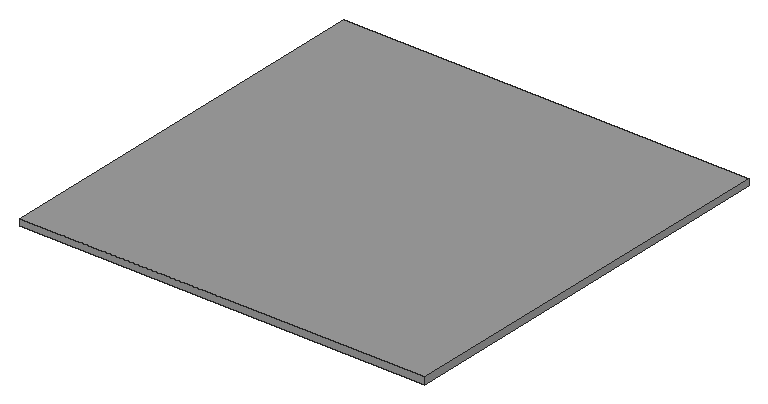
Revit family "WM-MN Unskimmend Family 65mm", category Generic Models, host Ceiling, Revit 2017
Family settings
  Host = Ceiling
  Can host rebar = No
  Round Connector Dimension = Use Diameter
  Part Type = Normal
  Always vertical = Yes
  Cut with Voids When Loaded = No
  Shared = No
  Room Calculation Point = No
Parameters (values of type "Lambdaboard")
  Width = 4000 mm
  URL = "www.rigifoam.com"
  Type Comments = "duncan@rigifoam.com"
  Thermal Resistance = 2.7100 (m²·K)/W
  Thermal Conductivity = 0.0240 W/(m·K)
  Model = "WM/MN Unskimmend 65mm"
  Material = Polyisocyanurate
  Manufacturer = "Lambdaboard"
  Length = 4000 mm
  Description = "Flexible PIR Insulation"
  Depth = 65 mm
  Density = 40.0000 kg/m³
Reference planes
  plane 1 "Center (Front/Back)": y = 0
  plane 2: z = 0
  plane 3 "Center (Left/Right)": x = 0
  plane 4 "Ceiling": z = 4000
Forms (mm)
  Extrusion 1, solid, material "Polyisocyanurate" <- "Material"
    sketch origin (0, 0, 4000) x (0, 1, 0) y (-1, 0, 0)
      loop
        line (2000, 2000) -> (-2000, 2000) -> (-2000, -2000) -> (2000, -2000) -> (2000, 2000)
    from -65 to 0
Dimensions and locks
  equal spacing: host sketch curve, plane 3 "Center (Left/Right)", host sketch curve
  equal spacing: host sketch curve, plane 1 "Center (Front/Back)", host sketch curve
  host sketch curve to host sketch curve = 4000 mm  (x2)
  plane 4 "Ceiling" to host ceiling = 0 mm
  equal spacing: Extrusion 1, plane 3 "Center (Left/Right)", Extrusion 1
  "Length": Extrusion 1 to Extrusion 1
  "Width": Extrusion 1 to Extrusion 1
  "Depth": Extrusion 1 to Extrusion 1
Automatic sketch dimensions
  plane 1 "Center (Front/Back)" to Extrusion 1 sketch curve = 2000 mm
  Extrusion 1 sketch curve to plane 1 "Center (Front/Back)" = 2000 mm
  plane 3 "Center (Left/Right)" to Extrusion 1 sketch curve = 2000 mm
  Extrusion 1 sketch curve to plane 3 "Center (Left/Right)" = 2000 mm
